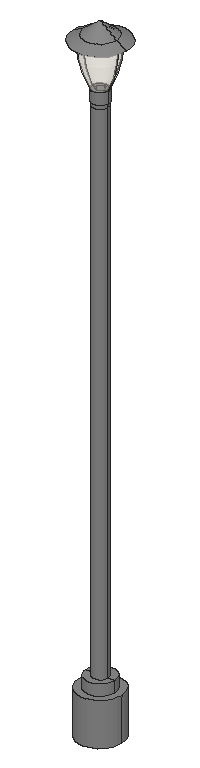
Revit family "881a87c70cd94a31afc76b838b4f2365", category Lighting Fixtures, Revit 2021
Family settings
  Round Connector Dimension = Use Diameter
  Part Type = Normal
  OmniClass Number = 23.80.70.14.21
  OmniClass Title = Street and Roadway Lighting
  Seek Item ID = Street Light - Antique-0000-USA-ENU
  Work Plane-Based = No
  Always vertical = Yes
  Cut with Voids When Loaded = No
  Light Source = Yes
  Shared = No
  Room Calculation Point = No
Parameters (values of type "250W Halogen - 120V")
  Wattage = 250 W
  built-in parameter 1150110 = 1 (stored number, unit not read)
  built-in parameter 1114217 = 1 (stored number, unit not read)
  built-in parameter 1150109 = 1 (stored number, unit not read)
  built-in parameter 1150134 = 3
  built-in parameter 1150113 = 1 (stored number, unit not read)
  Tilt Angle = -90.00°
  Photometric Web File = "SLS1T4.IES"
  built-in parameter 1150115 = 1 (stored number, unit not read)
  built-in parameter 1150105 = 397.89 (stored number, unit not read)
  Load Classification = Lighting - Exterior
  built-in parameter 1150137 = 1
  built-in parameter 1150139 = (empty or 0)
  built-in parameter 1150112 = 1 (stored number, unit not read)
  built-in parameter 1150114 = 1 (stored number, unit not read)
  built-in parameter 1150132 = (empty or 0)
  built-in parameter 1150102 = (empty or 0)
  built-in parameter 1150138 = (empty or 0)
  built-in parameter 1150107 = 3200 (stored number, unit not read)
  built-in parameter 1150106 = 3.9789 (stored number, unit not read)
  built-in parameter 1150104 = 1.8581 (stored number, unit not read)
  Dimming Lamp Color Temperature Shift = <None>
  Default Elevation = 0' - 0"
  Color Filter = 16777215
  Ballast Voltage = 120 V
  Ballast Number of Poles = 1
  built-in parameter 1114218 = 1 (stored number, unit not read)
  built-in parameter 1150133 = 10 (stored number, unit not read)
  Assembly Code = "D5020280"
  Height = 14' - 11"
  Lamp = "T-4"
  Lumens = 5000 lm
  Shade Material = Glass, Frosted
  Stand Material = Steel, Paint Finish, Dark Gray, Matte
  Wattage Comments = "250"
  Apparent Load = 250 VA
Types (10): name | Wattage | built-in parameter 1150134 | Tilt Angle | Photometric Web File | built-in parameter 1150105 | built-in parameter 1150107 | built-in parameter 1150106 | built-in parameter 1150104 | Ballast Voltage | Ballast Number of Poles | Height | Lamp | Lumens | Wattage Comments | Apparent Load
  (no name) | 250 W | 3 | -90.00° | "SLS1T4.IES" | 397.89 (stored number, unit not read) | 3200 (stored number, unit not read) | 3.9789 (stored number, unit not read) | 1.8581 (stored number, unit not read) | 120 V | 1 | 14' - 11" | "T-4" | 5000 lm | "250" | 250 VA
  400W Halogen - 120V | 400 W | 3 | -90.00° | "SLS1T3.ies" | 795.77 (stored number, unit not read) | 3200 (stored number, unit not read) | 7.9577 (stored number, unit not read) | 2.3226 (stored number, unit not read) | 120 V | 1 | 14' - 11" | "T-3" | 10000 lm | "400" | 400 VA
  250W Sodium - 120V | 250 W | 13 | 90.00° | "SLS1ET18.ies" | 2307.7 (stored number, unit not read) | 2100 (stored number, unit not read) | 23.077 (stored number, unit not read) | 10.777 (stored number, unit not read) | 120 V | 1 | 16' - 0" | "ET-18" | 29000 lm | "250" | 250 VA
  250W Halogen - 120V | 250 W | 3 | -90.00° | "SLS1T4.IES" | 397.89 (stored number, unit not read) | 3200 (stored number, unit not read) | 3.9789 (stored number, unit not read) | 1.8581 (stored number, unit not read) | 120 V | 1 | 14' - 11" | "T-4" | 5000 lm | "250" | 250 VA
  250W Halogen - 277V | 250 W | 3 | -90.00° | "SLS1T4.IES" | 397.89 (stored number, unit not read) | 3200 (stored number, unit not read) | 3.9789 (stored number, unit not read) | 1.8581 (stored number, unit not read) | 277 V | 1 | 14' - 11" | "T-4" | 5000 lm | "250" | 250 VA
  250W Halogen - 480V | 250 W | 3 | -90.00° | "SLS1T4.IES" | 397.89 (stored number, unit not read) | 3200 (stored number, unit not read) | 3.9789 (stored number, unit not read) | 1.8581 (stored number, unit not read) | 480 V | 3 | 14' - 11" | "T-4" | 5000 lm | "250" | 250 VA
  250W Sodium - 277V | 250 W | 13 | 90.00° | "SLS1ET18.ies" | 2307.7 (stored number, unit not read) | 2100 (stored number, unit not read) | 23.077 (stored number, unit not read) | 10.777 (stored number, unit not read) | 277 V | 1 | 16' - 0" | "ET-18" | 29000 lm | "250" | 250 VA
  250W Sodium - 480V | 250 W | 13 | 90.00° | "SLS1ET18.ies" | 2307.7 (stored number, unit not read) | 2100 (stored number, unit not read) | 23.077 (stored number, unit not read) | 10.777 (stored number, unit not read) | 480 V | 3 | 16' - 0" | "ET-18" | 29000 lm | "250" | 250 VA
  400W Halogen - 277V | 400 W | 3 | -90.00° | "SLS1T3.ies" | 795.77 (stored number, unit not read) | 3200 (stored number, unit not read) | 7.9577 (stored number, unit not read) | 2.3226 (stored number, unit not read) | 277 V | 1 | 14' - 11" | "T-3" | 10000 lm | "400" | 400 VA
  400W Halogen - 480V | 400 W | 3 | -90.00° | "SLS1T3.ies" | 795.77 (stored number, unit not read) | 3200 (stored number, unit not read) | 7.9577 (stored number, unit not read) | 2.3226 (stored number, unit not read) | 480 V | 3 | 14' - 11" | "T-3" | 10000 lm | "400" | 400 VA
Reference planes (in)
  plane 1 "Light Source Axis": y = 0
  plane 2: z = 0
  plane 3 "Light Source Axis": x = 0
  plane 4: z = 179
  plane 5: z = 174
  plane 6: z = 175.5
  plane 7: z = 162
  plane 8: z = 159
  plane 9: z = 158
  plane 10: x = -4.5
  plane 11: x = -7.5
  plane 12: x = -6.5
  plane 13: x = -3
  plane 14: x = 4
  plane 15: x = 3
  plane 16 "Light Source Elevation": z = 169
  plane 17: z = 12
Forms (in)
  Extrusion 1, solid, material "Steel, Paint Finish, Dark Gray, Matte" <- "Stand Material"
    sketch origin (0, 0, 0) x (1, 0, 0) y (0, 1, 0)
      loop
        circle (0, 0) r 6
    from 0 to 12
  Revolve 2, solid, material "Steel, Paint Finish, Dark Gray, Matte" <- "Stand Material"
    sketch origin (0, 0, 0) x (1, 0, 0) y (0, 0, 1)
      loop
        line (0, 179) -> (-4.5, 175.5) -> (-7.5, 174) -> (-4.5, 174) -> (-4.5, 174.34375) -> (-5.69447, 174.34375) -> (-4.23045, 175.07576) -> (0, 178.4162) -> (0, 179)
      loop
        line (-2.25977, 162) -> (-2.25977, 159) -> (-2.125, 159) -> (-2.125, 158) -> (-0.5, 158) -> (-0.5, 159) -> (-1.25977, 159) -> (-1.25977, 162) -> (-2.25977, 162)
      axis (0, 179) -> (0, 158)
    angle from 0 to 360
  Sweep 3, solid, material "Steel, Paint Finish, Dark Gray, Matte" <- "Stand Material"
    path origin (0, 0, 12) x (1, 0, 0) y (0, 1, 0)
      loop
        circle (0, 0) r 0.5
    profile origin (0, 0, 12) x (0, -1, 0) y (0, 0, 1)
      loop
        line (-1, 0) -> (-1, 146) -> (-2, 146) -> (-2, 3) -> (-4, 3) -> (-4, 0) -> (-1, 0)
  Revolve 4, solid, material "Glass, Frosted" <- "Shade Material"
    sketch origin (0, 0, 0) x (1, 0, 0) y (0, 0, 1)
      loop
        line (-2.25977, 162) -> (-2.00958, 162)
        arc (-2.00958, 162) -> (-4.29, 167.81722) -> (-5.19206, 174) r 27.37725
        line (-5.19206, 174) -> (-5.47516, 174)
        arc (-5.47516, 174) -> (-4.55714, 167.8152) -> (-2.25977, 162) r 27.37725
      axis (0, 174) -> (0, 162)
    angle from 0 to 360
Lines and regions (in)
  Masking region 1
    outline origin (0, 0, 0) x (1, 0, 0) y (0, 1, 0)
      loop
        circle (0, 0) r 6
  symbolic lines, style "Exterior"
    curve 1: arc (6, 0, 0) -> (0, 6, 0) -> (-6, 0, 0) r 6
    curve 2: arc (-6, 0, 0) -> (0, -6, 0) -> (6, 0, 0) r 6
    curve 3: arc (0.5, 0, 0) -> (0, 0.5, 0) -> (-0.5, 0, 0) r 0.5
    curve 4: arc (-0.5, 0, 0) -> (0, -0.5, 0) -> (0.5, 0, 0) r 0.5
Dimensions and locks (in)
  "Height": plane 4 to plane 2
  locked: plane 8 to plane 9 at 1
  locked: plane 7 to plane 8 at 3
  locked: plane 5 to plane 7 at 12
  locked: plane 6 to plane 5 at 1.5
  locked: plane 4 to plane 6 at 3.5
  aligned and locked: plane 10 to Revolve 2 sketch curve
  aligned and locked: plane 11 to Revolve 2 sketch curve
  aligned and locked: plane 5 to Revolve 2 sketch curve
  aligned and locked: Sweep 3 sketch curve to plane 9
  aligned and locked: Sweep 3 sketch curve to plane 17
  aligned and locked: Masking region 1 sketch curve to curve 1
  aligned and locked: imposter light to plane 3 "Light Source Axis"
  aligned and locked: plane 1 "Light Source Axis" to imposter light
  aligned and locked: imposter light to plane 5
Automatic sketch dimensions
  Extrusion 1 sketch curve to plane 1 "Light Source Axis" = 0' - 0"
  Extrusion 1 sketch curve to plane 3 "Light Source Axis" = 0' - 0"
  Extrusion 1 sketch curve to plane 3 "Light Source Axis" = 0' - 6"
  Sweep 3 sketch curve to plane 1 "Light Source Axis" = 0' - 0"
  Sweep 3 sketch curve to plane 3 "Light Source Axis" = 0' - 0"
  Sweep 3 sketch curve to plane 3 "Light Source Axis" = 0' - 0 1/2"
  Revolve 2 sketch curve to plane 10 = 0' - 0"
  Revolve 2 sketch curve to plane 7 = 0' - 0"
  Revolve 2 sketch curve to plane 8 = 0' - 0"  (x2)
  Revolve 2 sketch curve to plane 9 = 0' - 0"
  Revolve 2 sketch curve to plane 3 "Light Source Axis" = 0' - 0"
  Revolve 2 sketch curve to plane 5 = 0' - 0 11/32"
  Revolve 2 sketch curve to plane 12 = 0' - 0.80553"
  Revolve 2 sketch curve to plane 10 = 0' - 0 69/256"
  Revolve 2 sketch curve to plane 3 "Light Source Axis" = 0' - 2.25977"
  Revolve 2 sketch curve to Revolve 2 sketch curve = 0' - 0.13477"
  Revolve 2 sketch curve to Revolve 2 sketch curve = 0' - 1"
  Revolve 2 sketch curve to plane 3 "Light Source Axis" = 0' - 0 1/2"
  Revolve 2 sketch curve to plane 6 = 0' - 0"
  Revolve 2 sketch curve to plane 4 = 0' - 0"  (x2)
  plane 9 to Revolve 2 sketch curve = 0' - 3"
  plane 6 to Revolve 2 sketch curve = 0' - 0.42424"
  Revolve 2 sketch curve to Revolve 2 sketch curve = 0' - 0.5838"
  Revolve 2 sketch curve to Revolve 2 sketch curve = 0' - 10"
  Revolve 4 sketch curve to plane 5 = 0' - 0"
  Revolve 4 sketch curve to plane 7 = 0' - 0"
  Revolve 4 sketch curve to plane 3 "Light Source Axis" = 0' - 0"
  Revolve 4 sketch curve to plane 3 "Light Source Axis" = 0' - 2.00958"
  Revolve 4 sketch curve to Revolve 4 sketch curve = 0' - 0.2502"
  Revolve 4 sketch curve to plane 3 "Light Source Axis" = 0' - 5.19206"
  Revolve 4 sketch curve to Revolve 4 sketch curve = 0' - 0.2831"
  Revolve 4 sketch curve to plane 5 = 0' - 0.90096"
  Revolve 4 sketch curve to Revolve 4 sketch curve = 0' - 0.28519"
  Revolve 4 sketch curve to plane 8 = 0' - 1"
  Revolve 4 sketch curve to plane 4 = 0' - 7"
  curve 1 to plane 1 "Light Source Axis" = 0' - 0"
  curve 4 to plane 1 "Light Source Axis" = 0' - 0"
  curve 2 to plane 3 "Light Source Axis" = 0' - 0"
  curve 3 to plane 3 "Light Source Axis" = 0' - 0"
  curve 3 to plane 3 "Light Source Axis" = 0' - 0 1/2"
  curve 2 to plane 12 = 0' - 0 1/2"
  profile plane to Sweep 3 sketch curve = 0' - 3 1/2"
  profile plane to Sweep 3 sketch curve = 0' - 1 1/2"
  profile plane to Sweep 3 sketch curve = 0' - 0 1/2"
  Sweep 3 sketch curve to Sweep 3 sketch curve = 0' - 3"
Connectors (in)
  electrical at (0, 0, 158), driven by "Apparent Load", driven by "Ballast Voltage", driven by "Ballast Number of Poles", driven by "Load Classification"
    settings: on Revolve 2, index 1, voltage 120 V, apparent load 0 VA, apparent load phase1 250 VA, apparent load phase2 0 VA, apparent load phase3 0 VA, power factor 0.95, load classification "Lighting - Exterior", number of poles 1, system type 31, power factor state 1, is connector primary yes, connector utility no, sub classification motor no, connector description ""
